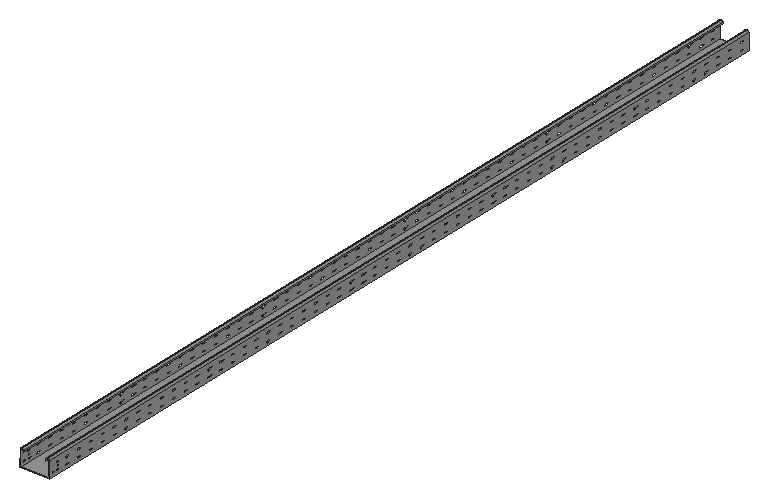
Revit family "Kabelrinne_rksm_A4_610_620_630_640_650_660", category Generic Models, Revit 2017 (continued)
Forms (mm)
  Extrusion 160, void
    sketch origin (-20, 863.6, 25) x (0, 1, 0) y (0, 0, 1)
      loop
        arc (82.8, 9) -> (86.3, 12.5) -> (82.8, 16) r 3.5
        line (82.8, 16) -> (69.8, 16)
    from 69 to 70
  Extrusion 161, void
    sketch origin (-20, 914.4, 0) x (0, 1, 0) y (0, 0, 1)
      loop
        arc (69.8, 16) -> (66.3, 12.5) -> (69.8, 9) r 3.5
        line (69.8, 9) -> (82.8, 9)
        arc (82.8, 9) -> (86.3, 12.5) -> (82.8, 16) r 3.5
        line (82.8, 16) -> (69.8, 16)
    from 69 to 70
  Extrusion 162, void
    sketch origin (-20, 914.4, 25) x (0, 1, 0) y (0, 0, 1)
      loop
        arc (69.8, 16) -> (66.3, 12.5) -> (69.8, 9) r 3.5
        line (69.8, 9) -> (82.8, 9)
        arc (82.8, 9) -> (86.3, 12.5) -> (82.8, 16) r 3.5
        line (82.8, 16) -> (69.8, 16)
    from 69 to 70
  Extrusion 163, void
    sketch origin (-20, 965.2, 0) x (0, 1, 0) y (0, 0, 1)
      loop
        arc (69.8, 16) -> (66.3, 12.5) -> (69.8, 9) r 3.5
        line (69.8, 9) -> (82.8, 9)
        arc (82.8, 9) -> (86.3, 12.5) -> (82.8, 16) r 3.5
        line (82.8, 16) -> (69.8, 16)
    from 69 to 70
  Extrusion 164, void
    sketch origin (-20, 965.2, 25) x (0, 1, 0) y (0, 0, 1)
      loop
        arc (69.8, 16) -> (66.3, 12.5) -> (69.8, 9) r 3.5
        line (69.8, 9) -> (82.8, 9)
        arc (82.8, 9) -> (86.3, 12.5) -> (82.8, 16) r 3.5
        line (82.8, 16) -> (69.8, 16)
    from 69 to 70
  Extrusion 165, void
    sketch origin (-20, 1016, 0) x (0, 1, 0) y (0, 0, 1)
      loop
        arc (69.8, 16) -> (66.3, 12.5) -> (69.8, 9) r 3.5
        line (69.8, 9) -> (82.8, 9)
        arc (82.8, 9) -> (86.3, 12.5) -> (82.8, 16) r 3.5
        line (82.8, 16) -> (69.8, 16)
    from 69 to 70
  Extrusion 166, void
    sketch origin (-20, 1016, 25) x (0, 1, 0) y (0, 0, 1)
      loop
        arc (69.8, 16) -> (66.3, 12.5) -> (69.8, 9) r 3.5
        line (69.8, 9) -> (82.8, 9)
        arc (82.8, 9) -> (86.3, 12.5) -> (82.8, 16) r 3.5
        line (82.8, 16) -> (69.8, 16)
    from 69 to 70
  Extrusion 167, void
    sketch origin (-20, 1066.8, 0) x (0, 1, 0) y (0, 0, 1)
      loop
        arc (69.8, 16) -> (66.3, 12.5) -> (69.8, 9) r 3.5
        line (69.8, 9) -> (82.8, 9)
        arc (82.8, 9) -> (86.3, 12.5) -> (82.8, 16) r 3.5
        line (82.8, 16) -> (69.8, 16)
    from 69 to 70
  Extrusion 168, void
    sketch origin (-20, 1066.8, 25) x (0, 1, 0) y (0, 0, 1)
      loop
        arc (69.8, 16) -> (66.3, 12.5) -> (69.8, 9) r 3.5
        line (69.8, 9) -> (82.8, 9)
        arc (82.8, 9) -> (86.3, 12.5) -> (82.8, 16) r 3.5
        line (82.8, 16) -> (69.8, 16)
    from 69 to 70
  Extrusion 169, void
    sketch origin (-20, 1117.6, 0) x (0, 1, 0) y (0, 0, 1)
      loop
        arc (69.8, 16) -> (66.3, 12.5) -> (69.8, 9) r 3.5
        line (69.8, 9) -> (82.8, 9)
        arc (82.8, 9) -> (86.3, 12.5) -> (82.8, 16) r 3.5
        line (82.8, 16) -> (69.8, 16)
    from 69 to 70
  Extrusion 170, void
    sketch origin (-20, 1117.6, 25) x (0, 1, 0) y (0, 0, 1)
      loop
        arc (69.8, 16) -> (66.3, 12.5) -> (69.8, 9) r 3.5
        line (69.8, 9) -> (82.8, 9)
        arc (82.8, 9) -> (86.3, 12.5) -> (82.8, 16) r 3.5
        line (82.8, 16) -> (69.8, 16)
    from 69 to 70
  Extrusion 171, void
    sketch origin (-20, 1168.4, 0) x (0, 1, 0) y (0, 0, 1)
      loop
        arc (69.8, 16) -> (66.3, 12.5) -> (69.8, 9) r 3.5
        line (69.8, 9) -> (82.8, 9)
        arc (82.8, 9) -> (86.3, 12.5) -> (82.8, 16) r 3.5
        line (82.8, 16) -> (69.8, 16)
    from 69 to 70
  Extrusion 172, void
    sketch origin (-20, 1168.4, 25) x (0, 1, 0) y (0, 0, 1)
      loop
        arc (69.8, 16) -> (66.3, 12.5) -> (69.8, 9) r 3.5
        line (69.8, 9) -> (82.8, 9)
        arc (82.8, 9) -> (86.3, 12.5) -> (82.8, 16) r 3.5
        line (82.8, 16) -> (69.8, 16)
    from 69 to 70
  Extrusion 173, void
    sketch origin (-20, 1219.2, 0) x (0, 1, 0) y (0, 0, 1)
      loop
        arc (69.8, 16) -> (66.3, 12.5) -> (69.8, 9) r 3.5
        line (69.8, 9) -> (82.8, 9)
        arc (82.8, 9) -> (86.3, 12.5) -> (82.8, 16) r 3.5
        line (82.8, 16) -> (69.8, 16)
    from 69 to 70
  Extrusion 174, void
    sketch origin (-20, 1219.2, 25) x (0, 1, 0) y (0, 0, 1)
      loop
        arc (69.8, 16) -> (66.3, 12.5) -> (69.8, 9) r 3.5
        line (69.8, 9) -> (82.8, 9)
        arc (82.8, 9) -> (86.3, 12.5) -> (82.8, 16) r 3.5
        line (82.8, 16) -> (69.8, 16)
    from 69 to 70
  Extrusion 175, void
    sketch origin (-20, 1270, 0) x (0, 1, 0) y (0, 0, 1)
      loop
        arc (69.8, 16) -> (66.3, 12.5) -> (69.8, 9) r 3.5
        line (69.8, 9) -> (82.8, 9)
        arc (82.8, 9) -> (86.3, 12.5) -> (82.8, 16) r 3.5
        line (82.8, 16) -> (69.8, 16)
    from 69 to 70
  Extrusion 176, void
    sketch origin (-20, 1270, 25) x (0, 1, 0) y (0, 0, 1)
      loop
        arc (69.8, 16) -> (66.3, 12.5) -> (69.8, 9) r 3.5
        line (69.8, 9) -> (82.8, 9)
        arc (82.8, 9) -> (86.3, 12.5) -> (82.8, 16) r 3.5
        line (82.8, 16) -> (69.8, 16)
    from 69 to 70
  Extrusion 177, void
    sketch origin (-20, 1320.8, 0) x (0, 1, 0) y (0, 0, 1)
      loop
        arc (69.8, 16) -> (66.3, 12.5) -> (69.8, 9) r 3.5
        line (69.8, 9) -> (82.8, 9)
        arc (82.8, 9) -> (86.3, 12.5) -> (82.8, 16) r 3.5
        line (82.8, 16) -> (69.8, 16)
    from 69 to 70
  Extrusion 178, void
    sketch origin (-20, 1320.8, 25) x (0, 1, 0) y (0, 0, 1)
      loop
        arc (69.8, 16) -> (66.3, 12.5) -> (69.8, 9) r 3.5
        line (69.8, 9) -> (82.8, 9)
        arc (82.8, 9) -> (86.3, 12.5) -> (82.8, 16) r 3.5
        line (82.8, 16) -> (69.8, 16)
    from 69 to 70
  Extrusion 179, void
    sketch origin (-20, 1371.6, 0) x (0, 1, 0) y (0, 0, 1)
      loop
        arc (69.8, 16) -> (66.3, 12.5) -> (69.8, 9) r 3.5
        line (69.8, 9) -> (82.8, 9)
        arc (82.8, 9) -> (86.3, 12.5) -> (82.8, 16) r 3.5
        line (82.8, 16) -> (69.8, 16)
    from 69 to 70
  Extrusion 180, void
    sketch origin (-20, 1371.6, 25) x (0, 1, 0) y (0, 0, 1)
      loop
        arc (69.8, 16) -> (66.3, 12.5) -> (69.8, 9) r 3.5
        line (69.8, 9) -> (82.8, 9)
        arc (82.8, 9) -> (86.3, 12.5) -> (82.8, 16) r 3.5
        line (82.8, 16) -> (69.8, 16)
    from 69 to 70
  Extrusion 181, void
    sketch origin (-20, 1422.4, 0) x (0, 1, 0) y (0, 0, 1)
      loop
        arc (69.8, 16) -> (66.3, 12.5) -> (69.8, 9) r 3.5
        line (69.8, 9) -> (82.8, 9)
        arc (82.8, 9) -> (86.3, 12.5) -> (82.8, 16) r 3.5
        line (82.8, 16) -> (69.8, 16)
    from 69 to 70
  Extrusion 182, void
    sketch origin (-20, 1422.4, 25) x (0, 1, 0) y (0, 0, 1)
      loop
        arc (69.8, 16) -> (66.3, 12.5) -> (69.8, 9) r 3.5
        line (69.8, 9) -> (82.8, 9)
        arc (82.8, 9) -> (86.3, 12.5) -> (82.8, 16) r 3.5
        line (82.8, 16) -> (69.8, 16)
    from 69 to 70
  Extrusion 183, void
    sketch origin (-20, 1473.2, 0) x (0, 1, 0) y (0, 0, 1)
      loop
        arc (69.8, 16) -> (66.3, 12.5) -> (69.8, 9) r 3.5
        line (69.8, 9) -> (82.8, 9)
        arc (82.8, 9) -> (86.3, 12.5) -> (82.8, 16) r 3.5
        line (82.8, 16) -> (69.8, 16)
    from 69 to 70
  Extrusion 184, void
    sketch origin (-20, 1473.2, 25) x (0, 1, 0) y (0, 0, 1)
      loop
        arc (69.8, 16) -> (66.3, 12.5) -> (69.8, 9) r 3.5
        line (69.8, 9) -> (82.8, 9)
        arc (82.8, 9) -> (86.3, 12.5) -> (82.8, 16) r 3.5
        line (82.8, 16) -> (69.8, 16)
    from 69 to 70
  Extrusion 185, void
    sketch origin (-20, 1524, 0) x (0, 1, 0) y (0, 0, 1)
      loop
        arc (69.8, 16) -> (66.3, 12.5) -> (69.8, 9) r 3.5
        line (69.8, 9) -> (82.8, 9)
        arc (82.8, 9) -> (86.3, 12.5) -> (82.8, 16) r 3.5
        line (82.8, 16) -> (69.8, 16)
    from 69 to 70
  Extrusion 186, void
    sketch origin (-20, 1524, 25) x (0, 1, 0) y (0, 0, 1)
      loop
        arc (69.8, 16) -> (66.3, 12.5) -> (69.8, 9) r 3.5
        line (69.8, 9) -> (82.8, 9)
        arc (82.8, 9) -> (86.3, 12.5) -> (82.8, 16) r 3.5
        line (82.8, 16) -> (69.8, 16)
    from 69 to 70
  Extrusion 187, void
    sketch origin (-20, 1574.8, 0) x (0, 1, 0) y (0, 0, 1)
      loop
        arc (69.8, 16) -> (66.3, 12.5) -> (69.8, 9) r 3.5
        line (69.8, 9) -> (82.8, 9)
        arc (82.8, 9) -> (86.3, 12.5) -> (82.8, 16) r 3.5
        line (82.8, 16) -> (69.8, 16)
    from 69 to 70
  Extrusion 188, void
    sketch origin (-20, 1574.8, 25) x (0, 1, 0) y (0, 0, 1)
      loop
        arc (69.8, 16) -> (66.3, 12.5) -> (69.8, 9) r 3.5
        line (69.8, 9) -> (82.8, 9)
        arc (82.8, 9) -> (86.3, 12.5) -> (82.8, 16) r 3.5
        line (82.8, 16) -> (69.8, 16)
    from 69 to 70
  Extrusion 189, void
    sketch origin (-20, 1625.6, 0) x (0, 1, 0) y (0, 0, 1)
      loop
        arc (69.8, 16) -> (66.3, 12.5) -> (69.8, 9) r 3.5
        line (69.8, 9) -> (82.8, 9)
        arc (82.8, 9) -> (86.3, 12.5) -> (82.8, 16) r 3.5
        line (82.8, 16) -> (69.8, 16)
    from 69 to 70
  Extrusion 190, void
    sketch origin (-20, 1625.6, 25) x (0, 1, 0) y (0, 0, 1)
      loop
        arc (69.8, 16) -> (66.3, 12.5) -> (69.8, 9) r 3.5
        line (69.8, 9) -> (82.8, 9)
        arc (82.8, 9) -> (86.3, 12.5) -> (82.8, 16) r 3.5
        line (82.8, 16) -> (69.8, 16)
    from 69 to 70
  Extrusion 191, void
    sketch origin (-20, 1676.4, 0) x (0, 1, 0) y (0, 0, 1)
      loop
        arc (69.8, 16) -> (66.3, 12.5) -> (69.8, 9) r 3.5
        line (69.8, 9) -> (82.8, 9)
        arc (82.8, 9) -> (86.3, 12.5) -> (82.8, 16) r 3.5
        line (82.8, 16) -> (69.8, 16)
    from 69 to 70
  Extrusion 192, void
    sketch origin (-20, 1676.4, 25) x (0, 1, 0) y (0, 0, 1)
      loop
        arc (69.8, 16) -> (66.3, 12.5) -> (69.8, 9) r 3.5
        line (69.8, 9) -> (82.8, 9)
        arc (82.8, 9) -> (86.3, 12.5) -> (82.8, 16) r 3.5
        line (82.8, 16) -> (69.8, 16)
    from 69 to 70
  Extrusion 193, void
    sketch origin (-20, 1727.2, 0) x (0, 1, 0) y (0, 0, 1)
      loop
        arc (69.8, 16) -> (66.3, 12.5) -> (69.8, 9) r 3.5
        line (69.8, 9) -> (82.8, 9)
        arc (82.8, 9) -> (86.3, 12.5) -> (82.8, 16) r 3.5
        line (82.8, 16) -> (69.8, 16)
    from 69 to 70
  Extrusion 194, void
    sketch origin (-20, 1727.2, 25) x (0, 1, 0) y (0, 0, 1)
      loop
        arc (69.8, 16) -> (66.3, 12.5) -> (69.8, 9) r 3.5
        line (69.8, 9) -> (82.8, 9)
        arc (82.8, 9) -> (86.3, 12.5) -> (82.8, 16) r 3.5
        line (82.8, 16) -> (69.8, 16)
    from 69 to 70
  Extrusion 195, void
    sketch origin (-20, 1778, 0) x (0, 1, 0) y (0, 0, 1)
      loop
        arc (69.8, 16) -> (66.3, 12.5) -> (69.8, 9) r 3.5
        line (69.8, 9) -> (82.8, 9)
        arc (82.8, 9) -> (86.3, 12.5) -> (82.8, 16) r 3.5
        line (82.8, 16) -> (69.8, 16)
    from 69 to 70
  Extrusion 196, void
    sketch origin (-20, 1778, 25) x (0, 1, 0) y (0, 0, 1)
      loop
        arc (69.8, 16) -> (66.3, 12.5) -> (69.8, 9) r 3.5
        line (69.8, 9) -> (82.8, 9)
        arc (82.8, 9) -> (86.3, 12.5) -> (82.8, 16) r 3.5
        line (82.8, 16) -> (69.8, 16)
    from 69 to 70
  Extrusion 197, void
    sketch origin (-20, 1828.8, 0) x (0, 1, 0) y (0, 0, 1)
      loop
        arc (69.8, 16) -> (66.3, 12.5) -> (69.8, 9) r 3.5
        line (69.8, 9) -> (82.8, 9)
        arc (82.8, 9) -> (86.3, 12.5) -> (82.8, 16) r 3.5
        line (82.8, 16) -> (69.8, 16)
    from 69 to 70
  Extrusion 198, void
    sketch origin (-20, 1828.8, 25) x (0, 1, 0) y (0, 0, 1)
      loop
        arc (69.8, 16) -> (66.3, 12.5) -> (69.8, 9) r 3.5
        line (69.8, 9) -> (82.8, 9)
        arc (82.8, 9) -> (86.3, 12.5) -> (82.8, 16) r 3.5
        line (82.8, 16) -> (69.8, 16)
    from 69 to 70
  Extrusion 199, void
    sketch origin (-20, 1879.6, 0) x (0, 1, 0) y (0, 0, 1)
      loop
        arc (69.8, 16) -> (66.3, 12.5) -> (69.8, 9) r 3.5
        line (69.8, 9) -> (82.8, 9)
        arc (82.8, 9) -> (86.3, 12.5) -> (82.8, 16) r 3.5
        line (82.8, 16) -> (69.8, 16)
    from 69 to 70
  Extrusion 200, void
    sketch origin (-20, 1879.6, 25) x (0, 1, 0) y (0, 0, 1)
      loop
        arc (69.8, 16) -> (66.3, 12.5) -> (69.8, 9) r 3.5
        line (69.8, 9) -> (82.8, 9)
        arc (82.8, 9) -> (86.3, 12.5) -> (82.8, 16) r 3.5
        line (82.8, 16) -> (69.8, 16)
    from 69 to 70
  Extrusion 201, void
    sketch origin (-20, 1930.4, 0) x (0, 1, 0) y (0, 0, 1)
      loop
        arc (69.8, 16) -> (66.3, 12.5) -> (69.8, 9) r 3.5
        line (69.8, 9) -> (82.8, 9)
        arc (82.8, 9) -> (86.3, 12.5) -> (82.8, 16) r 3.5
        line (82.8, 16) -> (69.8, 16)
    from 69 to 70
  Extrusion 202, void
    sketch origin (-20, 1930.4, 25) x (0, 1, 0) y (0, 0, 1)
      loop
        arc (69.8, 16) -> (66.3, 12.5) -> (69.8, 9) r 3.5
        line (69.8, 9) -> (82.8, 9)
        arc (82.8, 9) -> (86.3, 12.5) -> (82.8, 16) r 3.5
        line (82.8, 16) -> (69.8, 16)
    from 69 to 70
  Extrusion 203, void
    sketch origin (-20, 1981.2, 0) x (0, 1, 0) y (0, 0, 1)
      loop
        arc (69.8, 16) -> (66.3, 12.5) -> (69.8, 9) r 3.5
        line (69.8, 9) -> (82.8, 9)
        arc (82.8, 9) -> (86.3, 12.5) -> (82.8, 16) r 3.5
        line (82.8, 16) -> (69.8, 16)
    from 69 to 70
  Extrusion 204, void
    sketch origin (-20, 1981.2, 25) x (0, 1, 0) y (0, 0, 1)
      loop
        arc (69.8, 16) -> (66.3, 12.5) -> (69.8, 9) r 3.5
        line (69.8, 9) -> (82.8, 9)
        arc (82.8, 9) -> (86.3, 12.5) -> (82.8, 16) r 3.5
        line (82.8, 16) -> (69.8, 16)
    from 69 to 70
  Extrusion 205, void
    sketch origin (-20, 2032, 0) x (0, 1, 0) y (0, 0, 1)
      loop
        arc (69.8, 16) -> (66.3, 12.5) -> (69.8, 9) r 3.5
        line (69.8, 9) -> (82.8, 9)
        arc (82.8, 9) -> (86.3, 12.5) -> (82.8, 16) r 3.5
        line (82.8, 16) -> (69.8, 16)
    from 69 to 70
  Extrusion 206, void
    sketch origin (-20, 2032, 25) x (0, 1, 0) y (0, 0, 1)
      loop
        arc (69.8, 16) -> (66.3, 12.5) -> (69.8, 9) r 3.5
        line (69.8, 9) -> (82.8, 9)
        arc (82.8, 9) -> (86.3, 12.5) -> (82.8, 16) r 3.5
        line (82.8, 16) -> (69.8, 16)
    from 69 to 70
  Extrusion 207, void
    sketch origin (-20, 2082.8, 0) x (0, 1, 0) y (0, 0, 1)
      loop
        arc (69.8, 16) -> (66.3, 12.5) -> (69.8, 9) r 3.5
        line (69.8, 9) -> (82.8, 9)
        arc (82.8, 9) -> (86.3, 12.5) -> (82.8, 16) r 3.5
        line (82.8, 16) -> (69.8, 16)
    from 69 to 70
  Extrusion 208, void
    sketch origin (-20, 2082.8, 25) x (0, 1, 0) y (0, 0, 1)
      loop
        arc (69.8, 16) -> (66.3, 12.5) -> (69.8, 9) r 3.5
        line (69.8, 9) -> (82.8, 9)
        arc (82.8, 9) -> (86.3, 12.5) -> (82.8, 16) r 3.5
        line (82.8, 16) -> (69.8, 16)
    from 69 to 70
  Extrusion 209, void
    sketch origin (-20, 2133.6, 0) x (0, 1, 0) y (0, 0, 1)
      loop
        arc (69.8, 16) -> (66.3, 12.5) -> (69.8, 9) r 3.5
        line (69.8, 9) -> (82.8, 9)
        arc (82.8, 9) -> (86.3, 12.5) -> (82.8, 16) r 3.5
        line (82.8, 16) -> (69.8, 16)
    from 69 to 70
  Extrusion 210, void
    sketch origin (-20, 2133.6, 25) x (0, 1, 0) y (0, 0, 1)
      loop
        arc (69.8, 16) -> (66.3, 12.5) -> (69.8, 9) r 3.5
        line (69.8, 9) -> (82.8, 9)
        arc (82.8, 9) -> (86.3, 12.5) -> (82.8, 16) r 3.5
        line (82.8, 16) -> (69.8, 16)
    from 69 to 70
  Extrusion 211, void
    sketch origin (-20, 2184.4, 0) x (0, 1, 0) y (0, 0, 1)
      loop
        arc (69.8, 16) -> (66.3, 12.5) -> (69.8, 9) r 3.5
        line (69.8, 9) -> (82.8, 9)
        arc (82.8, 9) -> (86.3, 12.5) -> (82.8, 16) r 3.5
        line (82.8, 16) -> (69.8, 16)
    from 69 to 70
  Extrusion 212, void
    sketch origin (-20, 2184.4, 25) x (0, 1, 0) y (0, 0, 1)
      loop
        arc (69.8, 16) -> (66.3, 12.5) -> (69.8, 9) r 3.5
        line (69.8, 9) -> (82.8, 9)
        arc (82.8, 9) -> (86.3, 12.5) -> (82.8, 16) r 3.5
        line (82.8, 16) -> (69.8, 16)
    from 69 to 70
  Extrusion 213, void
    sketch origin (-20, 2235.2, 0) x (0, 1, 0) y (0, 0, 1)
      loop
        arc (69.8, 16) -> (66.3, 12.5) -> (69.8, 9) r 3.5
        line (69.8, 9) -> (82.8, 9)
        arc (82.8, 9) -> (86.3, 12.5) -> (82.8, 16) r 3.5
        line (82.8, 16) -> (69.8, 16)
    from 69 to 70
  Extrusion 214, void
    sketch origin (-20, 2235.2, 25) x (0, 1, 0) y (0, 0, 1)
      loop
        arc (69.8, 16) -> (66.3, 12.5) -> (69.8, 9) r 3.5
        line (69.8, 9) -> (82.8, 9)
        arc (82.8, 9) -> (86.3, 12.5) -> (82.8, 16) r 3.5
        line (82.8, 16) -> (69.8, 16)
    from 69 to 70
  Extrusion 215, void
    sketch origin (-20, 2286, 0) x (0, 1, 0) y (0, 0, 1)
      loop
        arc (69.8, 16) -> (66.3, 12.5) -> (69.8, 9) r 3.5
        line (69.8, 9) -> (82.8, 9)
        arc (82.8, 9) -> (86.3, 12.5) -> (82.8, 16) r 3.5
        line (82.8, 16) -> (69.8, 16)
    from 69 to 70
  Extrusion 216, void
    sketch origin (-20, 2286, 25) x (0, 1, 0) y (0, 0, 1)
      loop
        arc (69.8, 16) -> (66.3, 12.5) -> (69.8, 9) r 3.5
        line (69.8, 9) -> (82.8, 9)
        arc (82.8, 9) -> (86.3, 12.5) -> (82.8, 16) r 3.5
        line (82.8, 16) -> (69.8, 16)
    from 69 to 70
  Extrusion 217, void
    sketch origin (-20, 2336.8, 0) x (0, 1, 0) y (0, 0, 1)
      loop
        arc (69.8, 16) -> (66.3, 12.5) -> (69.8, 9) r 3.5
        line (69.8, 9) -> (82.8, 9)
        arc (82.8, 9) -> (86.3, 12.5) -> (82.8, 16) r 3.5
        line (82.8, 16) -> (69.8, 16)
    from 69 to 70
  Extrusion 218, void
    sketch origin (-20, 2336.8, 25) x (0, 1, 0) y (0, 0, 1)
      loop
        arc (69.8, 16) -> (66.3, 12.5) -> (69.8, 9) r 3.5
        line (69.8, 9) -> (82.8, 9)
        arc (82.8, 9) -> (86.3, 12.5) -> (82.8, 16) r 3.5
        line (82.8, 16) -> (69.8, 16)
    from 69 to 70
  Extrusion 219, void
    sketch origin (-20, 2387.6, 0) x (0, 1, 0) y (0, 0, 1)
      loop
        arc (69.8, 16) -> (66.3, 12.5) -> (69.8, 9) r 3.5
        line (69.8, 9) -> (82.8, 9)
        arc (82.8, 9) -> (86.3, 12.5) -> (82.8, 16) r 3.5
        line (82.8, 16) -> (69.8, 16)
    from 69 to 70
  Extrusion 220, void
    sketch origin (-20, 2387.6, 25) x (0, 1, 0) y (0, 0, 1)
      loop
        arc (69.8, 16) -> (66.3, 12.5) -> (69.8, 9) r 3.5
        line (69.8, 9) -> (82.8, 9)
        arc (82.8, 9) -> (86.3, 12.5) -> (82.8, 16) r 3.5
        line (82.8, 16) -> (69.8, 16)
    from 69 to 70
  Extrusion 221, void
    sketch origin (-20, 2438.4, 0) x (0, 1, 0) y (0, 0, 1)
      loop
        arc (69.8, 16) -> (66.3, 12.5) -> (69.8, 9) r 3.5
        line (69.8, 9) -> (82.8, 9)
        arc (82.8, 9) -> (86.3, 12.5) -> (82.8, 16) r 3.5
        line (82.8, 16) -> (69.8, 16)
    from 69 to 70
  Extrusion 222, void
    sketch origin (-20, 2438.4, 25) x (0, 1, 0) y (0, 0, 1)
      loop
        arc (69.8, 16) -> (66.3, 12.5) -> (69.8, 9) r 3.5
        line (69.8, 9) -> (82.8, 9)
        arc (82.8, 9) -> (86.3, 12.5) -> (82.8, 16) r 3.5
        line (82.8, 16) -> (69.8, 16)
    from 69 to 70
  Extrusion 223, void
    sketch origin (-20, 2489.2, 0) x (0, 1, 0) y (0, 0, 1)
      loop
        arc (69.8, 16) -> (66.3, 12.5) -> (69.8, 9) r 3.5
        line (69.8, 9) -> (82.8, 9)
        arc (82.8, 9) -> (86.3, 12.5) -> (82.8, 16) r 3.5
        line (82.8, 16) -> (69.8, 16)
    from 69 to 70
  Extrusion 224, void
    sketch origin (-20, 2489.2, 25) x (0, 1, 0) y (0, 0, 1)
      loop
        arc (69.8, 16) -> (66.3, 12.5) -> (69.8, 9) r 3.5
        line (69.8, 9) -> (82.8, 9)
        arc (82.8, 9) -> (86.3, 12.5) -> (82.8, 16) r 3.5
        line (82.8, 16) -> (69.8, 16)
    from 69 to 70
  Extrusion 225, void
    sketch origin (-20, 2540, 0) x (0, 1, 0) y (0, 0, 1)
      loop
        arc (69.8, 16) -> (66.3, 12.5) -> (69.8, 9) r 3.5
        line (69.8, 9) -> (82.8, 9)
        arc (82.8, 9) -> (86.3, 12.5) -> (82.8, 16) r 3.5
        line (82.8, 16) -> (69.8, 16)
    from 69 to 70
  Extrusion 226, void
    sketch origin (-20, 2540, 25) x (0, 1, 0) y (0, 0, 1)
      loop
        arc (69.8, 16) -> (66.3, 12.5) -> (69.8, 9) r 3.5
        line (69.8, 9) -> (82.8, 9)
        arc (82.8, 9) -> (86.3, 12.5) -> (82.8, 16) r 3.5
        line (82.8, 16) -> (69.8, 16)
    from 69 to 70
  Extrusion 227, void
    sketch origin (-20, 2590.8, 0) x (0, 1, 0) y (0, 0, 1)
      loop
        arc (69.8, 16) -> (66.3, 12.5) -> (69.8, 9) r 3.5
        line (69.8, 9) -> (82.8, 9)
        arc (82.8, 9) -> (86.3, 12.5) -> (82.8, 16) r 3.5
        line (82.8, 16) -> (69.8, 16)
    from 69 to 70
  Extrusion 228, void
    sketch origin (-20, 2590.8, 25) x (0, 1, 0) y (0, 0, 1)
      loop
        arc (69.8, 16) -> (66.3, 12.5) -> (69.8, 9) r 3.5
        line (69.8, 9) -> (82.8, 9)
        arc (82.8, 9) -> (86.3, 12.5) -> (82.8, 16) r 3.5
        line (82.8, 16) -> (69.8, 16)
    from 69 to 70
  Extrusion 229, void
    sketch origin (-20, 2641.6, 0) x (0, 1, 0) y (0, 0, 1)
      loop
        arc (69.8, 16) -> (66.3, 12.5) -> (69.8, 9) r 3.5
        line (69.8, 9) -> (82.8, 9)
        arc (82.8, 9) -> (86.3, 12.5) -> (82.8, 16) r 3.5
        line (82.8, 16) -> (69.8, 16)
    from 69 to 70
  Extrusion 230, void
    sketch origin (-20, 2641.6, 25) x (0, 1, 0) y (0, 0, 1)
      loop
        arc (69.8, 16) -> (66.3, 12.5) -> (69.8, 9) r 3.5
        line (69.8, 9) -> (82.8, 9)
        arc (82.8, 9) -> (86.3, 12.5) -> (82.8, 16) r 3.5
        line (82.8, 16) -> (69.8, 16)
    from 69 to 70
  Extrusion 231, void
    sketch origin (-20, 2692.4, 0) x (0, 1, 0) y (0, 0, 1)
      loop
        arc (69.8, 16) -> (66.3, 12.5) -> (69.8, 9) r 3.5
        line (69.8, 9) -> (82.8, 9)
        arc (82.8, 9) -> (86.3, 12.5) -> (82.8, 16) r 3.5
        line (82.8, 16) -> (69.8, 16)
    from 69 to 70
  Extrusion 232, void
    sketch origin (-20, 2692.4, 25) x (0, 1, 0) y (0, 0, 1)
      loop
        arc (69.8, 16) -> (66.3, 12.5) -> (69.8, 9) r 3.5
        line (69.8, 9) -> (82.8, 9)
        arc (82.8, 9) -> (86.3, 12.5) -> (82.8, 16) r 3.5
        line (82.8, 16) -> (69.8, 16)
    from 69 to 70
  Extrusion 233, void
    sketch origin (-20, 2743.2, 0) x (0, 1, 0) y (0, 0, 1)
      loop
        arc (69.8, 16) -> (66.3, 12.5) -> (69.8, 9) r 3.5
        line (69.8, 9) -> (82.8, 9)
        arc (82.8, 9) -> (86.3, 12.5) -> (82.8, 16) r 3.5
        line (82.8, 16) -> (69.8, 16)
    from 69 to 70
  Extrusion 234, void
    sketch origin (-20, 2743.2, 25) x (0, 1, 0) y (0, 0, 1)
      loop
        arc (69.8, 16) -> (66.3, 12.5) -> (69.8, 9) r 3.5
        line (69.8, 9) -> (82.8, 9)
        arc (82.8, 9) -> (86.3, 12.5) -> (82.8, 16) r 3.5
        line (82.8, 16) -> (69.8, 16)
    from 69 to 70
  Extrusion 235, void
    sketch origin (-20, 2794, 0) x (0, 1, 0) y (0, 0, 1)
      loop
        arc (69.8, 16) -> (66.3, 12.5) -> (69.8, 9) r 3.5
        line (69.8, 9) -> (82.8, 9)
        arc (82.8, 9) -> (86.3, 12.5) -> (82.8, 16) r 3.5
        line (82.8, 16) -> (69.8, 16)
    from 69 to 70
  Extrusion 236, void
    sketch origin (-20, 2794, 25) x (0, 1, 0) y (0, 0, 1)
      loop
        arc (69.8, 16) -> (66.3, 12.5) -> (69.8, 9) r 3.5
        line (69.8, 9) -> (82.8, 9)
        arc (82.8, 9) -> (86.3, 12.5) -> (82.8, 16) r 3.5
        line (82.8, 16) -> (69.8, 16)
    from 69 to 70
  Extrusion 237, void
    sketch origin (-20, 2844.8, 0) x (0, 1, 0) y (0, 0, 1)
      loop
        arc (69.8, 16) -> (66.3, 12.5) -> (69.8, 9) r 3.5
        line (69.8, 9) -> (82.8, 9)
        arc (82.8, 9) -> (86.3, 12.5) -> (82.8, 16) r 3.5
        line (82.8, 16) -> (69.8, 16)
    from 69 to 70
  Extrusion 238, void
    sketch origin (-20, 2844.8, 25) x (0, 1, 0) y (0, 0, 1)
      loop
        arc (69.8, 16) -> (66.3, 12.5) -> (69.8, 9) r 3.5
        line (69.8, 9) -> (82.8, 9)
        arc (82.8, 9) -> (86.3, 12.5) -> (82.8, 16) r 3.5
        line (82.8, 16) -> (69.8, 16)
    from 69 to 70
  Extrusion 239, void
    sketch origin (-20, 2895.6, 0) x (0, 1, 0) y (0, 0, 1)
      loop
        arc (69.8, 16) -> (66.3, 12.5) -> (69.8, 9) r 3.5
        line (69.8, 9) -> (82.8, 9)
        arc (82.8, 9) -> (86.3, 12.5) -> (82.8, 16) r 3.5
        line (82.8, 16) -> (69.8, 16)
    from 69 to 70
  Extrusion 240, void
    sketch origin (-20, 2895.6, 25) x (0, 1, 0) y (0, 0, 1)
      loop
        arc (69.8, 16) -> (66.3, 12.5) -> (69.8, 9) r 3.5
        line (69.8, 9) -> (82.8, 9)
        arc (82.8, 9) -> (86.3, 12.5) -> (82.8, 16) r 3.5
        line (82.8, 16) -> (69.8, 16)
    from 69 to 70
  Extrusion 241, void
    sketch origin (0, 0, 0) x (1, 0, 0) y (0, 1, 0)
      loop
        circle (0, 101.68) r 5.5
    from 0 to 1
  Extrusion 242, void
    sketch origin (0, 100, 0) x (1, 0, 0) y (0, 1, 0)
      loop
        circle (0, 101.68) r 5.5
    from 0 to 1
  Extrusion 243, void
    sketch origin (0, 200, 0) x (1, 0, 0) y (0, 1, 0)
      loop
        circle (0, 101.68) r 5.5
    from 0 to 1
  Extrusion 244, void
    sketch origin (0, 300, 0) x (1, 0, 0) y (0, 1, 0)
      loop
        circle (0, 101.68) r 5.5
    from 0 to 1
  Extrusion 245, void
    sketch origin (0, 400, 0) x (1, 0, 0) y (0, 1, 0)
      loop
        circle (0, 101.68) r 5.5
    from 0 to 1
  Extrusion 246, void
    sketch origin (0, 500, 0) x (1, 0, 0) y (0, 1, 0)
      loop
        circle (0, 101.68) r 5.5
    from 0 to 1
  Extrusion 247, void
    sketch origin (0, 600, 0) x (1, 0, 0) y (0, 1, 0)
      loop
        circle (0, 101.68) r 5.5
    from 0 to 1
  Extrusion 248, void
    sketch origin (0, 700, 0) x (1, 0, 0) y (0, 1, 0)
      loop
        circle (0, 101.68) r 5.5
    from 0 to 1
  Extrusion 249, void
    sketch origin (0, 800, 0) x (1, 0, 0) y (0, 1, 0)
      loop
        circle (0, 101.68) r 5.5
    from 0 to 1
  Extrusion 250, void
    sketch origin (0, 900, 0) x (1, 0, 0) y (0, 1, 0)
      loop
        circle (0, 101.68) r 5.5
    from 0 to 1
  Extrusion 251, void
    sketch origin (0, 1000, 0) x (1, 0, 0) y (0, 1, 0)
      loop
        circle (0, 101.68) r 5.5
    from 0 to 1
  Extrusion 252, void
    sketch origin (0, 1100, 0) x (1, 0, 0) y (0, 1, 0)
      loop
        circle (0, 101.68) r 5.5
    from 0 to 1
  Extrusion 253, void
    sketch origin (0, 1200, 0) x (1, 0, 0) y (0, 1, 0)
      loop
        circle (0, 101.68) r 5.5
    from 0 to 1
  Extrusion 254, void
    sketch origin (0, 1300, 0) x (1, 0, 0) y (0, 1, 0)
      loop
        circle (0, 101.68) r 5.5
    from 0 to 1
  Extrusion 255, void
    sketch origin (0, 1400, 0) x (1, 0, 0) y (0, 1, 0)
      loop
        circle (0, 101.68) r 5.5
    from 0 to 1
  Extrusion 256, void
    sketch origin (0, 1500, 0) x (1, 0, 0) y (0, 1, 0)
      loop
        circle (0, 101.68) r 5.5
    from 0 to 1
  Extrusion 257, void
    sketch origin (0, 1600, 0) x (1, 0, 0) y (0, 1, 0)
      loop
        circle (0, 101.68) r 5.5
    from 0 to 1
  Extrusion 258, void
    sketch origin (0, 1700, 0) x (1, 0, 0) y (0, 1, 0)
      loop
        circle (0, 101.68) r 5.5
    from 0 to 1
  Extrusion 259, void
    sketch origin (0, 1800, 0) x (1, 0, 0) y (0, 1, 0)
      loop
        circle (0, 101.68) r 5.5
    from 0 to 1
  Extrusion 260, void
    sketch origin (0, 1900, 0) x (1, 0, 0) y (0, 1, 0)
      loop
        circle (0, 101.68) r 5.5
    from 0 to 1
  Extrusion 261, void
    sketch origin (0, 2000, 0) x (1, 0, 0) y (0, 1, 0)
      loop
        circle (0, 101.68) r 5.5
    from 0 to 1
  Extrusion 262, void
    sketch origin (0, 2100, 0) x (1, 0, 0) y (0, 1, 0)
      loop
        circle (0, 101.68) r 5.5
    from 0 to 1
  Extrusion 263, void
    sketch origin (0, 2200, 0) x (1, 0, 0) y (0, 1, 0)
      loop
        circle (0, 101.68) r 5.5
    from 0 to 1
  Extrusion 264, void
    sketch origin (0, 2300, 0) x (1, 0, 0) y (0, 1, 0)
      loop
        circle (0, 101.68) r 5.5
    from 0 to 1
  Extrusion 265, void
    sketch origin (0, 2400, 0) x (1, 0, 0) y (0, 1, 0)
      loop
        circle (0, 101.68) r 5.5
    from 0 to 1
  Extrusion 266, void
    sketch origin (0, 2500, 0) x (1, 0, 0) y (0, 1, 0)
      loop
        circle (0, 101.68) r 5.5
    from 0 to 1
  Extrusion 267, void
    sketch origin (0, 2600, 0) x (1, 0, 0) y (0, 1, 0)
      loop
        circle (0, 101.68) r 5.5
    from 0 to 1
  Extrusion 268, void
    sketch origin (0, 2700, 0) x (1, 0, 0) y (0, 1, 0)
      loop
        circle (0, 101.68) r 5.5
    from 0 to 1
  Extrusion 269, void
    sketch origin (0, 2800, 0) x (1, 0, 0) y (0, 1, 0)
      loop
        circle (0, 101.68) r 5.5
    from 0 to 1
  Extrusion 270, void
    sketch origin (0, 0, 0) x (0, 1, 0) y (0, 0, 1)
      loop
        arc (11.5, 16) -> (8, 12.5) -> (11.5, 9) r 3.5
        line (11.5, 9) -> (19.5, 9)
        arc (19.5, 9) -> (23, 12.5) -> (19.5, 16) r 3.5
        line (19.5, 16) -> (11.5, 16)
    from 49 to 50
  Extrusion 271, void
    sketch origin (0, 0, 0) x (0, 1, 0) y (0, 0, 1)
      loop
        arc (31.5, 16) -> (28, 12.5) -> (31.5, 9) r 3.5
        line (31.5, 9) -> (39.5, 9)
        arc (39.5, 9) -> (43, 12.5) -> (39.5, 16) r 3.5
        line (39.5, 16) -> (31.5, 16)
    from 49 to 50
  Extrusion 272, void
    sketch origin (0, 0, 0) x (0, 1, 0) y (0, 0, 1)
      loop
        arc (31.5, 41) -> (28, 37.5) -> (31.5, 34) r 3.5
        line (31.5, 34) -> (39.5, 34)
        arc (39.5, 34) -> (43, 37.5) -> (39.5, 41) r 3.5
        line (39.5, 41) -> (31.5, 41)
    from 49 to 50
  Extrusion 273, void
    sketch origin (0, 0, 0) x (0, 1, 0) y (0, 0, 1)
      loop
        line (19.5, 16) -> (11.5, 16)
        arc (11.5, 16) -> (8, 12.5) -> (11.5, 9) r 3.5
        line (11.5, 9) -> (19.5, 9)
        arc (19.5, 9) -> (23, 12.5) -> (19.5, 16) r 3.5
    from -49 to -50
  Extrusion 274, void
    sketch origin (0, 0, 0) x (0, 1, 0) y (0, 0, 1)
      loop
        line (39.5, 16) -> (31.5, 16)
        arc (31.5, 16) -> (28, 12.5) -> (31.5, 9) r 3.5
        line (31.5, 9) -> (39.5, 9)
        arc (39.5, 9) -> (43, 12.5) -> (39.5, 16) r 3.5
    from -50 to -49
  Extrusion 275, void
    sketch origin (0, 0, 0) x (0, 1, 0) y (0, 0, 1)
      loop
        line (39.5, 41) -> (31.5, 41)
        arc (31.5, 41) -> (28, 37.5) -> (31.5, 34) r 3.5
        line (31.5, 34) -> (39.5, 34)
        arc (39.5, 34) -> (43, 37.5) -> (39.5, 41) r 3.5
    from -50 to -49
  Extrusion 276, void
    sketch origin (0, 0, 0) x (0, 1, 0) y (0, 0, 1)
      loop
        line (31.512, 29) -> (31.512, 21) -> (39.512, 21) -> (39.512, 29) -> (31.512, 29)
    from 49 to 50
  Extrusion 277, void
    sketch origin (0, 0, 0) x (0, 1, 0) y (0, 0, 1)
      loop
        line (39.5, 29) -> (31.5, 29) -> (31.5, 21) -> (39.5, 21) -> (39.5, 29)
    from -50 to -48.975
Cuts and joins
  Extrusion 5, Extrusion 8, Extrusion 10, Extrusion 11, Extrusion 13, Extrusion 14, Extrusion 15, Extrusion 16, Extrusion 17, Extrusion 18, Extrusion 19, Extrusion 20, Extrusion 21, Extrusion 22, Extrusion 23, Extrusion 24, Extrusion 25, Extrusion 26, Extrusion 27, Extrusion 28, Extrusion 29, Extrusion 30, Extrusion 31, Extrusion 32, Extrusion 33, Extrusion 34, Extrusion 35, Extrusion 36, Extrusion 37, Extrusion 38, Extrusion 39, Extrusion 40, Extrusion 41, Extrusion 42, Extrusion 43, Extrusion 44, Extrusion 45, Extrusion 46, Extrusion 47, Extrusion 48, Extrusion 49, Extrusion 50, Extrusion 51, Extrusion 52, Extrusion 53, Extrusion 54, Extrusion 55, Extrusion 56, Extrusion 57, Extrusion 58, Extrusion 59, Extrusion 60, Extrusion 61, Extrusion 62, Extrusion 63, Extrusion 64, Extrusion 65, Extrusion 66, Extrusion 67, Extrusion 68, Extrusion 69, Extrusion 70, Extrusion 71, Extrusion 72, Extrusion 73, Extrusion 74, Extrusion 75, Extrusion 76, Extrusion 77, Extrusion 78, Extrusion 79, Extrusion 80, Extrusion 81, Extrusion 82, Extrusion 83, Extrusion 84, Extrusion 85, Extrusion 86, Extrusion 87, Extrusion 88, Extrusion 89, Extrusion 90, Extrusion 91, Extrusion 92, Extrusion 93, Extrusion 94, Extrusion 95, Extrusion 96, Extrusion 97, Extrusion 98, Extrusion 99, Extrusion 100, Extrusion 101, Extrusion 102, Extrusion 103, Extrusion 104, Extrusion 105, Extrusion 106, Extrusion 107, Extrusion 108, Extrusion 109, Extrusion 110, Extrusion 111, Extrusion 112, Extrusion 113, Extrusion 114, Extrusion 115, Extrusion 116, Extrusion 117, Extrusion 118, Extrusion 119, Extrusion 120, Extrusion 121, Extrusion 122, Extrusion 123, Extrusion 124, Extrusion 125, Extrusion 126, Extrusion 127, Extrusion 128, Extrusion 129, Extrusion 130, Extrusion 131, Extrusion 132, Extrusion 133, Extrusion 134, Extrusion 135, Extrusion 136, Extrusion 137, Extrusion 138, Extrusion 139, Extrusion 140, Extrusion 141, Extrusion 142, Extrusion 143, Extrusion 144, Extrusion 145, Extrusion 146, Extrusion 147, Extrusion 148, Extrusion 149, Extrusion 150, Extrusion 151, Extrusion 152, Extrusion 153, Extrusion 154, Extrusion 155, Extrusion 156, Extrusion 157, Extrusion 158, Extrusion 159, Extrusion 160, Extrusion 161, Extrusion 162, Extrusion 163, Extrusion 164, Extrusion 165, Extrusion 166, Extrusion 167, Extrusion 168, Extrusion 169, Extrusion 170, Extrusion 171, Extrusion 172, Extrusion 173, Extrusion 174, Extrusion 175, Extrusion 176, Extrusion 177, Extrusion 178, Extrusion 179, Extrusion 180, Extrusion 181, Extrusion 182, Extrusion 183, Extrusion 184, Extrusion 185, Extrusion 186, Extrusion 187, Extrusion 188, Extrusion 189, Extrusion 190, Extrusion 191, Extrusion 192, Extrusion 193, Extrusion 194, Extrusion 195, Extrusion 196, Extrusion 197, Extrusion 198, Extrusion 199, Extrusion 200, Extrusion 201, Extrusion 202, Extrusion 203, Extrusion 204, Extrusion 205, Extrusion 206, Extrusion 207, Extrusion 208, Extrusion 209, Extrusion 210, Extrusion 211, Extrusion 212, Extrusion 213, Extrusion 214, Extrusion 215, Extrusion 216, Extrusion 217, Extrusion 218, Extrusion 219, Extrusion 220, Extrusion 221, Extrusion 222, Extrusion 223, Extrusion 224, Extrusion 225, Extrusion 226, Extrusion 227, Extrusion 228, Extrusion 229, Extrusion 230, Extrusion 231, Extrusion 232, Extrusion 233, Extrusion 234, Extrusion 235, Extrusion 236, Extrusion 237, Extrusion 238, Extrusion 239, Extrusion 240, Extrusion 241, Extrusion 242, Extrusion 243, Extrusion 244, Extrusion 245, Extrusion 246, Extrusion 247, Extrusion 248, Extrusion 249, Extrusion 250, Extrusion 251, Extrusion 252, Extrusion 253, Extrusion 254, Extrusion 255, Extrusion 256, Extrusion 257, Extrusion 258, Extrusion 259, Extrusion 260, Extrusion 261, Extrusion 262, Extrusion 263, Extrusion 264, Extrusion 265, Extrusion 266, Extrusion 267, Extrusion 268, Extrusion 269, Extrusion 270, Extrusion 271, Extrusion 272, Extrusion 273, Extrusion 274, Extrusion 275, Extrusion 276, Extrusion 277 cuts Extrusion 1
Dimensions and locks
  "Width": Extrusion 1 sketch curve to Extrusion 1 sketch curve
  "Width 1": Extrusion 1 sketch curve to plane 3 "Center (Left/Right)"
  "Width 1": plane 3 "Center (Left/Right)" to Extrusion 1 sketch curve
  locked: plane 4 to level at 60
  locked: plane 4 to plane 5 at 9
  locked: Extrusion 1 sketch curve to Extrusion 1 sketch curve at 12  (x2)
  locked: Extrusion 1 sketch curve to Extrusion 1 sketch curve at 1  (x5)
  locked: Extrusion 2 sketch curve to plane 6 at 9.045
  locked: plane 6 to Extrusion 2 sketch curve at 9.045
  locked: Extrusion 3 sketch curve to plane 7 at 3.5
  locked: plane 7 to Extrusion 3 sketch curve at 3.5
  locked: level to plane 8 at 2.65
  locked: plane 8 to plane 9 at 1
  locked: Extrusion 4 sketch curve to Extrusion 4 sketch curve at 7
  "Length": plane 1 "Center (Front/Back)" to plane 10
  locked: Extrusion 5 sketch curve to Extrusion 5 sketch curve at 7
  locked: Extrusion 6 sketch curve to Extrusion 6 sketch curve at 7
  locked: Extrusion 7 sketch curve to Extrusion 7 sketch curve at 7
  locked: cut or joined group 1 (Extrusion 1, Extrusion 5, Extrusion 8, Extrusion 10, Extrusion 11, Extrusion 13, Extrusion 14, Extrusion 15, Extrusion 16, Extrusion 17, Extrusion 18, Extrusion 19, Extrusion 20, Extrusion 21, Extrusion 22, Extrusion 23, Extrusion 24, Extrusion 25, Extrusion 26, Extrusion 27, Extrusion 28, Extrusion 29, Extrusion 30, Extrusion 31, Extrusion 32, Extrusion 33, Extrusion 34, Extrusion 35, Extrusion 36, Extrusion 37, Extrusion 38, Extrusion 39, Extrusion 40, Extrusion 41, Extrusion 42, Extrusion 43, Extrusion 44, Extrusion 45, Extrusion 46, Extrusion 47, Extrusion 48, Extrusion 49, Extrusion 50, Extrusion 51, Extrusion 52, Extrusion 53, Extrusion 54, Extrusion 55, Extrusion 56, Extrusion 57, Extrusion 58, Extrusion 59, Extrusion 60, Extrusion 61, Extrusion 62, Extrusion 63, Extrusion 64, Extrusion 65, Extrusion 66, Extrusion 67, Extrusion 68, Extrusion 69, Extrusion 70, Extrusion 71, Extrusion 72, Extrusion 73, Extrusion 74, Extrusion 75, Extrusion 76, Extrusion 77, Extrusion 78, Extrusion 79, Extrusion 80, Extrusion 81, Extrusion 82, Extrusion 83, Extrusion 84, Extrusion 85, Extrusion 86, Extrusion 87, Extrusion 88, Extrusion 89, Extrusion 90, Extrusion 91, Extrusion 92, Extrusion 93, Extrusion 94, Extrusion 95, Extrusion 96, Extrusion 97, Extrusion 98, Extrusion 99, Extrusion 100, Extrusion 101, Extrusion 102, Extrusion 103, Extrusion 104, Extrusion 105, Extrusion 106, Extrusion 107, Extrusion 108, Extrusion 109, Extrusion 110, Extrusion 111, Extrusion 112, Extrusion 113, Extrusion 114, Extrusion 115, Extrusion 116, Extrusion 117, Extrusion 118, Extrusion 119, Extrusion 120, Extrusion 121, Extrusion 122, Extrusion 123, Extrusion 124, Extrusion 125, Extrusion 126, Extrusion 127, Extrusion 128, Extrusion 129, Extrusion 130, Extrusion 131, Extrusion 132, Extrusion 133, Extrusion 134, Extrusion 135, Extrusion 136, Extrusion 137, Extrusion 138, Extrusion 139, Extrusion 140, Extrusion 141, Extrusion 142, Extrusion 143, Extrusion 144, Extrusion 145, Extrusion 146, Extrusion 147, Extrusion 148, Extrusion 149, Extrusion 150, Extrusion 151, Extrusion 152, Extrusion 153, Extrusion 154, Extrusion 155, Extrusion 156, Extrusion 157, Extrusion 158, Extrusion 159, Extrusion 160, Extrusion 161, Extrusion 162, Extrusion 163, Extrusion 164, Extrusion 165, Extrusion 166, Extrusion 167, Extrusion 168, Extrusion 169, Extrusion 170, Extrusion 171, Extrusion 172, Extrusion 173, Extrusion 174, Extrusion 175, Extrusion 176, Extrusion 177, Extrusion 178, Extrusion 179, Extrusion 180, Extrusion 181, Extrusion 182, Extrusion 183, Extrusion 184, Extrusion 185, Extrusion 186, Extrusion 187, Extrusion 188, Extrusion 189, Extrusion 190, Extrusion 191, Extrusion 192, Extrusion 193, Extrusion 194, Extrusion 195, Extrusion 196, Extrusion 197, Extrusion 198, Extrusion 199, Extrusion 200, Extrusion 201, Extrusion 202, Extrusion 203, Extrusion 204, Extrusion 205, Extrusion 206, Extrusion 207, Extrusion 208, Extrusion 209, Extrusion 210, Extrusion 211, Extrusion 212, Extrusion 213, Extrusion 214, Extrusion 215, Extrusion 216, Extrusion 217, Extrusion 218, Extrusion 219, Extrusion 220, Extrusion 221, Extrusion 222, Extrusion 223, Extrusion 224, Extrusion 225, Extrusion 226, Extrusion 227, Extrusion 228, Extrusion 229, Extrusion 230, Extrusion 231, Extrusion 232, Extrusion 233, Extrusion 234, Extrusion 235, Extrusion 236, Extrusion 237, Extrusion 238, Extrusion 239, Extrusion 240, Extrusion 241, Extrusion 242, Extrusion 243, Extrusion 244, Extrusion 245, Extrusion 246, Extrusion 247, Extrusion 248, Extrusion 249, Extrusion 250, Extrusion 251, Extrusion 252, Extrusion 253, Extrusion 254, Extrusion 255, Extrusion 256, Extrusion 257, Extrusion 258, Extrusion 259, Extrusion 260, Extrusion 261, Extrusion 262, Extrusion 263, Extrusion 264, Extrusion 265, Extrusion 266, Extrusion 267, Extrusion 268, Extrusion 269, Extrusion 270, Extrusion 271, Extrusion 272, Extrusion 273, Extrusion 274, Extrusion 275, Extrusion 276, Extrusion 277) to level at 9  (x2)
  locked: cut or joined group 1 to plane 1 "Center (Front/Back)" at 66.3  (x2)
  locked: Extrusion 8 sketch curve to Extrusion 8 sketch curve at 7
  group 6 to group 7 = 0 mm  (x2)
  group 6 to group 7 = 25 mm
  locked: cut or joined group 1 to plane 1 "Center (Front/Back)" at 86.3
